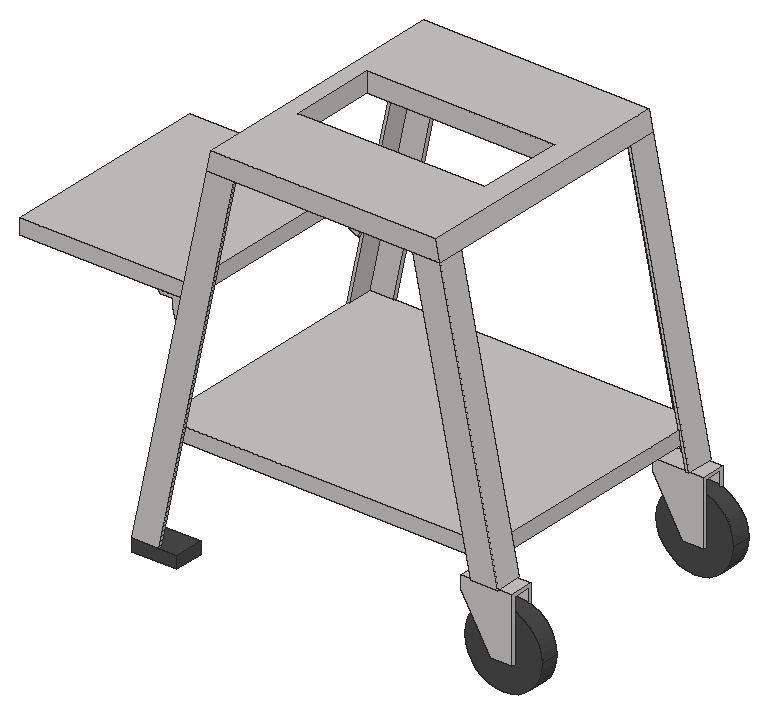
Revit family "QF_ELECTROLUXPROFESSIONAL_653180_TT11", category Attrezzature speciali, Revit 2020
Family settings
  Quota connettore circolare = Usa diametro
  Tipo di parte = Normale
  Basato su piano di lavoro = No
  Sempre verticale = Sì
  Taglio con vuoti quando caricato = No
  Condiviso = No
  Punto di calcolo locali = No
Parameters (values of type "Standard")
  Weight = 0.00 kg
  Watts = 0 W
  Volts = 0 V
  URL Manufacturer = ""
  URL = ""
  Steam Supply Size = 0 mm
  Steam Supply Minimum Pressure = 0.0 Pa
  Steam Supply Maximum Pressure = 0.0 Pa
  Steam Consumption per Hour = 0
  Show Clearance [instance] = yes
  Refrigeration Suction Line Size = 0 mm
  Refrigeration Liquid Line Size = 0 mm
  Refrigerant Compressor Remote = yes
  Prospetto di default = 0 mm
  Manufacturer = ""
  Phase = 0
  Model = ""
  Length Actual = 445 mm  # constant formula
  Item Number = ""
  Hot Water Size = 0 mm
  Height Actual = 576 mm  # constant formula
  HP = ""
  Gas Size = 0 mm
  Gas KW = 0
  Gas Input Pressure = 0 W
  Direct Waste Size = 0 mm
  Description = ""
  Depth Actual = 690 mm  # constant formula
  Cycle = 0 Hz
  Condensate Return Size = 0 mm
  Compressed Air Volume = 0.0 L/s
  Compressed Air Size = 0 mm
  Compressed Air Pressure = 0.0 Pa
  Cold Water Size = 0 mm
  Accessory = yes
Reference planes
  plane 1 "Back": y = 0
  plane 2: z = 0
  plane 3 "FRONT": y = -445
  plane 4 "LEFT": x = -126
  plane 5 "RIGHT": x = 554
  plane 6 "Centro SX/DX": x = 214
  plane 7 "Centro Avanti/Indietro": y = -222.5
  plane 8: z = 647
  plane 9: x = 18.637
  plane 10: z = 614
  plane 11: x = 449.5
  plane 12: z = 215
  plane 13: z = 190
  plane 14: y = -45
  plane 15: y = -400
  plane 16: x = -348
  plane 17: z = 156.513
  plane 18: z = 20
  plane 19: z = 402
  plane 20: z = 377
  plane 21: x = 33.787
  plane 22: y = -152.404
  plane 23: y = -297.758
  plane 24: x = 346.917
  plane 25: y = -395
  plane 26: y = -50
  plane 27: x = -63.754
  plane 28: y = -440
  plane 29: y = -5
  plane 30: x = -79.724
  plane 31: x = 468.349
  plane 32: y = -422.5
  plane 33: y = -22.5
Forms (mm)
  Extrusion 1, solid, material "QF_Finishes_Stainless Steel"
    sketch origin (-2.362, 250, 0) x (-1, 0, 0) y (0, 0, 1)
      loop
        line (345.638, 402) -> (63.754, 402) -> (63.754, 377) -> (345.638, 377) -> (345.638, 402)
    from -650 to -295
  Extrusion 2, solid, material "QF_Finishes_Stainless Steel"
    sketch origin (377, 24, 0) x (0, 1, 0) y (0, 0, 1)
      loop
        line (-464, 215) -> (-464, 190) -> (-29, 190) -> (-29, 215) -> (-464, 215)
    from -456.724 to 91.349
  Extrusion 3, solid, material "QF_Finishes_Black"
    sketch origin (0, 0, 0) x (1, 0, 0) y (0, 1, 0)
      loop
        line (-126, 0) -> (-126, -50) -> (-51, -50) -> (-51, 0) -> (-126, 0)
    from 0 to 20
  Extrusion 4, solid, material "QF_Finishes_Black"
    sketch origin (0, -608, 0) x (1, 0, 0) y (0, 1, 0)
      loop
        line (-126, 163) -> (-51, 163) -> (-51, 213) -> (-126, 213) -> (-126, 163)
    from 0 to 20
  Extrusion 5, solid, material "QF_Finishes_Stainless Steel"
    sketch origin (0, 250, 0) x (-1, 0, 0) y (0, 0, 1)
      loop
        line (-6.05, 647) -> (-382.575, 647) -> (-389.229, 614) -> (0.604, 614) -> (-6.05, 647)
    from -695 to -250
  Extrusion 6, solid, material "QF_Finishes_Stainless Steel"
    sketch origin (-2.362, 250, 0) x (-1, 0, 0) y (0, 0, 1)
      loop
        line (116, 377) -> (63.754, 377) -> (63.754, 367.545)
        arc (63.754, 367.545) -> (62.876, 365.424) -> (60.754, 364.545) r 3
        line (60.754, 364.545) -> (50.903, 364.545) -> (59.736, 320.736)
        arc (59.736, 320.736) -> (81.4, 334.327) -> (89.853, 358.464) r 38.69
        line (89.853, 358.464) -> (89.853, 367.964)
        arc (89.853, 367.964) -> (90.732, 370.086) -> (92.853, 370.964) r 3
        line (92.853, 370.964) -> (109.964, 370.964) -> (116, 377)
    from -650 to -645
  Extrusion 7, solid, material "QF_Finishes_Stainless Steel"
    sketch origin (-2.362, -695, 0) x (-1, 0, 0) y (0, 0, -1)
      loop
        line (116, -377) -> (109.964, -370.964) -> (92.853, -370.964)
        arc (92.853, -370.964) -> (90.732, -370.086) -> (89.853, -367.964) r 3
        line (89.853, -367.964) -> (89.853, -358.464)
        arc (89.853, -358.464) -> (81.4, -334.327) -> (59.736, -320.736) r 38.69
        line (59.736, -320.736) -> (50.903, -364.545) -> (60.754, -364.545)
        arc (60.754, -364.545) -> (62.876, -365.424) -> (63.754, -367.545) r 3
        line (63.754, -367.545) -> (63.754, -377) -> (116, -377)
    from -650 to -645
  Extrusion 8, solid, material "QF_Finishes_Stainless Steel"
    sketch origin (0, 250, 0) x (-1, 0, 0) y (0, 0, 1)
      loop
        line (0.604, 614) -> (-44.396, 614) -> (81, 20) -> (126, 20) -> (0.604, 614)
    from -255 to -250
  Extrusion 9, solid, material "QF_Finishes_Stainless Steel"
    sketch origin (388.625, 250, 0) x (1, 0, 0) y (0, 0, -1)
      loop
        line (0.604, -614) -> (97.182, -156.513) -> (52.182, -156.513) -> (-44.396, -614) -> (0.604, -614)
    from -255 to -250
  Extrusion 10, solid, material "QF_Finishes_Stainless Steel"
    sketch origin (0, -695, 0) x (-1, 0, 0) y (0, 0, -1)
      loop
        line (0.604, -614) -> (126, -20) -> (81, -20) -> (-44.396, -614) -> (0.604, -614)
    from -255 to -250
  Extrusion 11, solid, material "QF_Finishes_Stainless Steel"
    sketch origin (388.625, -695, 0) x (1, 0, 0) y (0, 0, 1)
      loop
        line (0.604, 614) -> (-44.396, 614) -> (52.182, 156.513) -> (97.182, 156.513) -> (0.604, 614)
    from -255 to -250
  Extrusion 12, solid, material "QF_Finishes_Stainless Steel"
    sketch origin (0, 250, 0) x (-1, 0, 0) y (0, 0, 1)
      loop
        line (-389.229, 614) -> (-485.807, 156.513) -> (-480.696, 156.513) -> (-384.119, 614) -> (-389.229, 614)
    from -690 to -650
  Extrusion 13, solid, material "QF_Finishes_Stainless Steel"
    sketch origin (0, -695, 0) x (-1, 0, 0) y (0, 0, -1)
      loop
        line (-389.229, -614) -> (-384.119, -614) -> (-480.696, -156.513) -> (-485.807, -156.513) -> (-389.229, -614)
    from -690 to -650
  Extrusion 14, solid, material "QF_Finishes_Stainless Steel"
    sketch origin (0, 250, 0) x (-1, 0, 0) y (0, 0, 1)
      loop
        line (126, 20) -> (0.604, 614) -> (-4.506, 614) -> (120.89, 20) -> (126, 20)
    from -690 to -650
  Extrusion 15, solid, material "QF_Finishes_Stainless Steel"
    sketch origin (0, -695, 0) x (-1, 0, 0) y (0, 0, -1)
      loop
        line (126, -20) -> (120.89, -20) -> (-4.506, -614) -> (0.604, -614) -> (126, -20)
    from -690 to -650
  Extrusion 16, void
    sketch origin (0, 0, 0) x (1, 0, 0) y (0, 1, 0)
      loop
        line (33.787, -152.404) -> (33.787, -297.758) -> (346.917, -297.758) -> (346.917, -152.404) -> (33.787, -152.404)
    from 538.903 to 736.554
Cuts and joins
  joined: Extrusion 11, Extrusion 12
  joined: Extrusion 10, Extrusion 14
  joined: Extrusion 8, Extrusion 15
  joined: Extrusion 9, Extrusion 13
  Extrusion 16 cuts Extrusion 5
Dimensions and locks
  plane 4 "LEFT" to plane 5 "RIGHT" = 680 mm
  plane 3 "FRONT" to plane 1 "Back" = 445 mm
  equal spacing: plane 4 "LEFT", plane 6 "Centro SX/DX", plane 5 "RIGHT"
  equal spacing: plane 3 "FRONT", plane 7 "Centro Avanti/Indietro", plane 1 "Back"
  plane 8 to plane 2 = 647 mm
  plane 16 to plane 5 "RIGHT" = 902 mm
  plane 19 to plane 2 = 402 mm
  plane 19 to plane 20 = 25 mm
  plane 12 to plane 13 = 25 mm
  plane 18 to plane 2 = 20 mm
  locked: plane 14 to plane 1 "Back" at 45
  locked: plane 3 "FRONT" to plane 15 at 45
  locked: plane 25 to plane 15 at 5
  locked: plane 14 to plane 26 at 5
  plane 11 to plane 27 = 513.254 mm
  locked: plane 28 to plane 3 "FRONT" at 5
  locked: plane 29 to plane 1 "Back" at 5
  equal spacing: plane 3 "FRONT", plane 32, plane 15
  equal spacing: plane 14, plane 33, plane 1 "Back"
  aligned and locked: level to plane 2
  aligned and locked: Extrusion 3 to plane 2
  aligned and locked: plane 15 to Extrusion 1
  aligned and locked: plane 15 to Extrusion 6
  aligned and locked: plane 25 to Extrusion 6
  aligned and locked: Extrusion 7 to Extrusion 1
  aligned and locked: Extrusion 7 to plane 26
  aligned and locked: Extrusion 5 to plane 3 "FRONT"
  aligned and locked: Extrusion 5 to plane 1 "Back"
  aligned and locked: Extrusion 3 to plane 26
  aligned and locked: plane 25 to Extrusion 4
  aligned and locked: Extrusion 1 to plane 16
  aligned and locked: plane 17 to Extrusion 9
  aligned and locked: Extrusion 8 to plane 29
  aligned and locked: Extrusion 8 to plane 1 "Back"
  aligned and locked: Extrusion 9 to plane 29
  aligned and locked: Extrusion 9 to plane 1 "Back"
  aligned and locked: Extrusion 12 to plane 28
  aligned and locked: Extrusion 12 to plane 15
  aligned and locked: Extrusion 13 to Extrusion 9
  aligned and locked: Extrusion 14 to plane 28
  aligned and locked: Extrusion 14 to plane 15
  aligned and locked: Extrusion 15 to Extrusion 8
  aligned and locked: plane 14 to Extrusion 15
  aligned and locked: plane 29 to Extrusion 15
  aligned and locked: plane 14 to Extrusion 13
  aligned and locked: Extrusion 7 to plane 14
  aligned and locked: nested 1 to plane 33
  aligned and locked: nested 2 to plane 32
  aligned and locked: Extrusion 16 sketch curve to plane 22
  aligned and locked: Extrusion 16 sketch curve to plane 21
  aligned and locked: plane 23 to Extrusion 16 sketch curve
  aligned and locked: Extrusion 16 sketch curve to plane 24
Automatic sketch dimensions
  Extrusion 1 sketch curve to plane 19 = 0 mm
  Extrusion 1 sketch curve to plane 20 = 0 mm
  Extrusion 1 sketch curve to plane 16 = 0 mm
  Extrusion 1 sketch curve to plane 27 = 2.362 mm
  plane 13 to Extrusion 2 sketch curve = 0 mm
  plane 15 to Extrusion 2 sketch curve = 40 mm
  Extrusion 2 sketch curve to plane 14 = 40 mm
  plane 12 to Extrusion 2 sketch curve = 0 mm
  Extrusion 3 sketch curve to plane 4 "LEFT" = 0 mm
  Extrusion 3 sketch curve to plane 26 = 0 mm
  plane 1 "Back" to Extrusion 3 sketch curve = 0 mm
  plane 27 to Extrusion 3 sketch curve = 12.754 mm
  Extrusion 4 sketch curve to plane 4 "LEFT" = 0 mm
  Extrusion 4 sketch curve to plane 25 = 0 mm
  Extrusion 4 sketch curve to plane 3 "FRONT" = 0 mm
  Extrusion 4 sketch curve to plane 27 = 12.754 mm
  Extrusion 5 sketch curve to plane 10 = 0 mm
  Extrusion 5 sketch curve to plane 8 = 0 mm
  plane 24 to Extrusion 5 sketch curve = 42.312 mm
  Extrusion 5 sketch curve to Extrusion 5 sketch curve = 6.654 mm
  Extrusion 5 sketch curve to plane 9 = 12.587 mm
  Extrusion 5 sketch curve to plane 9 = 19.241 mm
  Extrusion 6 sketch curve to plane 20 = 0 mm
  plane 27 to Extrusion 6 sketch curve = 10.489 mm
  Extrusion 6 sketch curve to Extrusion 6 sketch curve = 0.26 mm
  plane 27 to Extrusion 6 sketch curve = 1.656 mm
  plane 27 to Extrusion 6 sketch curve = 0.638 mm
  Extrusion 6 sketch curve to plane 27 = 2.362 mm
  Extrusion 6 sketch curve to plane 20 = 9.036 mm
  Extrusion 6 sketch curve to Extrusion 6 sketch curve = 26.099 mm
  Extrusion 6 sketch curve to Extrusion 6 sketch curve = 3 mm
  plane 4 "LEFT" to Extrusion 6 sketch curve = 13.673 mm
  plane 4 "LEFT" to Extrusion 6 sketch curve = 7.638 mm
  Extrusion 6 sketch curve to plane 20 = 9.455 mm
  Extrusion 6 sketch curve to Extrusion 6 sketch curve = 9.5 mm
  Extrusion 7 sketch curve to plane 20 = 0 mm
  plane 27 to Extrusion 7 sketch curve = 10.489 mm
  Extrusion 7 sketch curve to Extrusion 7 sketch curve = 0.26 mm
  plane 27 to Extrusion 7 sketch curve = 1.656 mm
  plane 27 to Extrusion 7 sketch curve = 0.638 mm
  Extrusion 7 sketch curve to plane 27 = 2.362 mm
  Extrusion 7 sketch curve to plane 20 = 9.036 mm
  Extrusion 7 sketch curve to Extrusion 7 sketch curve = 26.099 mm
  Extrusion 7 sketch curve to Extrusion 7 sketch curve = 3 mm
  plane 4 "LEFT" to Extrusion 7 sketch curve = 13.673 mm
  plane 4 "LEFT" to Extrusion 7 sketch curve = 7.638 mm
  Extrusion 7 sketch curve to plane 20 = 9.455 mm
  Extrusion 7 sketch curve to Extrusion 7 sketch curve = 6.081 mm
  Extrusion 8 sketch curve to plane 10 = 0 mm
  Extrusion 8 sketch curve to plane 18 = 0 mm
  Extrusion 8 sketch curve to plane 4 "LEFT" = 0 mm
  Extrusion 8 sketch curve to plane 27 = 17.246 mm
  Extrusion 8 sketch curve to plane 9 = 19.241 mm
  Extrusion 8 sketch curve to plane 21 = 10.609 mm
  Extrusion 9 sketch curve to plane 10 = 0 mm
  Extrusion 9 sketch curve to plane 17 = 0 mm
  Extrusion 9 sketch curve to plane 24 = 2.688 mm
  plane 24 to Extrusion 9 sketch curve = 42.312 mm
  plane 11 to Extrusion 9 sketch curve = 8.693 mm
  Extrusion 9 sketch curve to plane 11 = 36.307 mm
  Extrusion 10 sketch curve to plane 10 = 0 mm
  Extrusion 10 sketch curve to plane 18 = 0 mm
  Extrusion 10 sketch curve to plane 4 "LEFT" = 0 mm
  Extrusion 10 sketch curve to plane 27 = 17.246 mm
  Extrusion 10 sketch curve to plane 9 = 19.241 mm
  Extrusion 10 sketch curve to plane 21 = 10.609 mm
  Extrusion 11 sketch curve to plane 10 = 0 mm
  Extrusion 11 sketch curve to plane 17 = 0 mm
  Extrusion 11 sketch curve to plane 24 = 2.688 mm
  plane 24 to Extrusion 11 sketch curve = 42.312 mm
  plane 11 to Extrusion 11 sketch curve = 8.693 mm
  Extrusion 11 sketch curve to plane 11 = 36.307 mm
  Extrusion 12 sketch curve to plane 17 = 0 mm
  Extrusion 12 sketch curve to plane 10 = 0 mm
  Extrusion 12 sketch curve to plane 11 = 36.307 mm
  Extrusion 12 sketch curve to Extrusion 12 sketch curve = 5.11 mm  (x2)
  plane 24 to Extrusion 12 sketch curve = 42.312 mm
  Extrusion 13 sketch curve to plane 17 = 0 mm
  Extrusion 13 sketch curve to plane 10 = 0 mm
  Extrusion 13 sketch curve to plane 11 = 36.307 mm
  Extrusion 13 sketch curve to Extrusion 13 sketch curve = 5.11 mm  (x2)
  plane 24 to Extrusion 13 sketch curve = 42.312 mm
  Extrusion 14 sketch curve to plane 10 = 0 mm
  Extrusion 14 sketch curve to plane 18 = 0 mm
  Extrusion 14 sketch curve to plane 4 "LEFT" = 0 mm
  Extrusion 14 sketch curve to Extrusion 14 sketch curve = 5.11 mm  (x2)
  Extrusion 14 sketch curve to plane 9 = 19.241 mm
  Extrusion 15 sketch curve to plane 10 = 0 mm
  Extrusion 15 sketch curve to plane 18 = 0 mm
  Extrusion 15 sketch curve to plane 4 "LEFT" = 0 mm
  Extrusion 15 sketch curve to Extrusion 15 sketch curve = 5.11 mm  (x2)
  Extrusion 15 sketch curve to plane 9 = 19.241 mm
Nested families
  nested 1: "ruota_043" at (474.599, -22.5, 156.513) x (-1, 0, 0) z (0, 0, -1), type "ruota_043"
  nested 2: "ruota_043" at (474.599, -422.5, 156.513) x (-1, 0, 0) z (0, 0, -1), type "ruota_043"
Definition of nested family "ruota_043"
  Parameters (values of type "ruota_043")
    Default Elevation = 1219.2 mm
  Reference planes
    plane 1 "Centro (Fronte/Retro)": y = 0
    plane 2: z = 0
    plane 3 "Centro (Sinistra/Destra)": x = 0
    plane 4: y = 15
    plane 5: y = -15
    plane 6: y = 20
    plane 7: y = -20
  Forms (mm)
    Extrusion 1, solid
      sketch origin (0, 0, 0) x (1, 0, 0) y (0, 1, 0)
        loop
          line (-1219.2, 1219.2) -> (-1219.2, -1219.2) -> (1219.2, -1219.2) -> (1219.2, 1219.2) -> (-1219.2, 1219.2)
      from 0 to -304.8
    Extrusion 2, solid
      sketch origin (22.5, 0, -7.5) x (1, 0, 0) y (0, 0, 1)
        loop
          circle (-38.105, 96.365) r 65
      from -15 to 15
    Extrusion 3, solid
      sketch origin (0, 0, -16.875) x (0, 1, 0) y (0, 0, 1)
        loop
          line (20, 16.875) -> (20, 21.875) -> (-20, 21.875) -> (-20, 16.875) -> (20, 16.875)
      from -33.745 to 51.256
    Extrusion 4, solid
      sketch origin (0, 0, 0) x (1, 0, 0) y (0, 0, 1)
        loop
          line (51.256, 5) -> (51.256, 20) -> (1.256, 106.603) -> (-33.744, 106.603) -> (-33.744, 5) -> (51.256, 5)
      from 15 to 20
    Extrusion 5, solid
      sketch origin (0, 0, 0) x (1, 0, 0) y (0, 0, -1)
        loop
          line (51.256, -5) -> (-33.744, -5) -> (-33.744, -106.603) -> (1.256, -106.603) -> (51.256, -20) -> (51.256, -5)
      from 15 to 20
  Cuts and joins
    joined: Extrusion 3, Extrusion 4, Extrusion 5
  Dimensions and locks
    equal spacing: plane 4, plane 1 "Centro (Fronte/Retro)", plane 5
    aligned and locked: plane 2 to Extrusion 1
    aligned and locked: level to Extrusion 1
    aligned and locked: plane 4 to Extrusion 2  (x2)
    aligned and locked: Extrusion 2 to plane 5  (x2)
    aligned and locked: plane 5 to Extrusion 2
    aligned and locked: Extrusion 2 to plane 4
    aligned and locked: plane 5 to Extrusion 4
    aligned and locked: Extrusion 4 to plane 7
    aligned and locked: Extrusion 5 to plane 4
    aligned and locked: plane 6 to Extrusion 5
    aligned and locked: plane 6 to Extrusion 3
    aligned and locked: Extrusion 3 to plane 7
  Automatic sketch dimensions
    Extrusion 1 sketch curve to Extrusion 1 sketch curve = 2438.4 mm  (x2)
    Extrusion 2 sketch curve to plane 3 "Centro (Sinistra/Destra)" = 15.605 mm
    level to Extrusion 2 sketch curve = 88.865 mm
    Extrusion 3 sketch curve to level = 0 mm
    Extrusion 3 sketch curve to plane 5 = 5 mm
    plane 4 to Extrusion 3 sketch curve = 5 mm
    level to Extrusion 3 sketch curve = 5 mm
    Extrusion 4 sketch curve to plane 3 "Centro (Sinistra/Destra)" = 33.744 mm
    plane 3 "Centro (Sinistra/Destra)" to Extrusion 4 sketch curve = 1.256 mm
    level to Extrusion 4 sketch curve = 20 mm
    plane 3 "Centro (Sinistra/Destra)" to Extrusion 4 sketch curve = 51.256 mm
    level to Extrusion 4 sketch curve = 5 mm
    Extrusion 4 sketch curve to Extrusion 4 sketch curve = 101.603 mm
    Extrusion 5 sketch curve to plane 3 "Centro (Sinistra/Destra)" = 33.744 mm
    plane 3 "Centro (Sinistra/Destra)" to Extrusion 5 sketch curve = 1.256 mm
    level to Extrusion 5 sketch curve = 20 mm
    plane 3 "Centro (Sinistra/Destra)" to Extrusion 5 sketch curve = 51.256 mm
    level to Extrusion 5 sketch curve = 106.603 mm
    level to Extrusion 5 sketch curve = 5 mm
    radius of Extrusion 2 sketch curve = 65 mm
